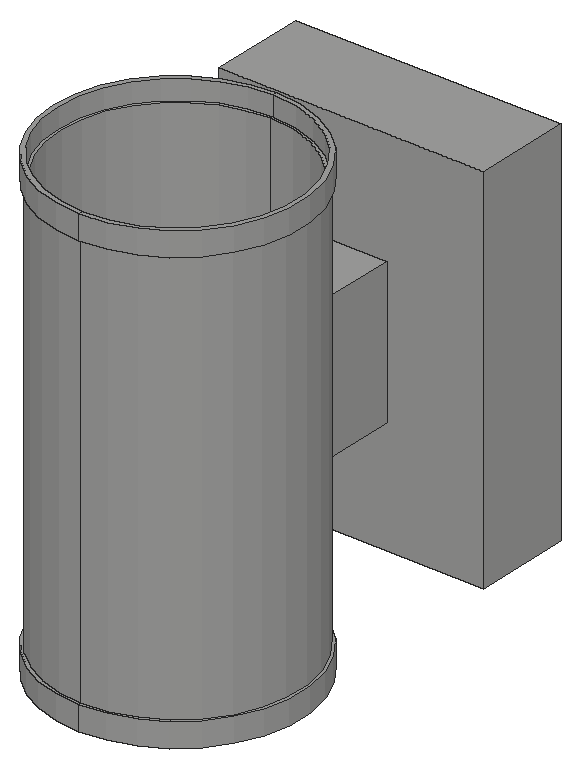
Revit family "CYBU510 - LED-CF", category Lighting Fixtures, host Wall, Revit 2024
Family settings
  Host = Wall
  Round Connector Dimension = Use Diameter
  Part Type = Normal
  OmniClass Number = 23.80.70.00
  OmniClass Title = Lighting
  Always vertical = Yes
  Cut with Voids When Loaded = No
  Light Source = No
  Maintain Annotation Orientation = No
  Shared = No
  Room Calculation Point = No
Parameters
  Default Elevation = 0' - 0"
Reference planes (in)
  plane 1: y = 0
  plane 2 "Light Source Axis (F/B)": y = 8
  plane 3 "Light Source Axis (L/R)": x = -1.43133
  plane 4 "Light Source Elevation": z = 77.42225
Forms (in)
  Extrusion 1, solid, material "97"
    sketch origin (-1.43133, 0, 0) x (0, -1, 0) y (0, 0, 1)
      loop
        line (3, 81.29725) -> (3, 73.54725) -> (5, 73.54725) -> (5, 81.29725) -> (3, 81.29725)
    from -2.75 to 2.75
  Extrusion 2, solid, material "97"
    sketch origin (-1.43133, 0, 0) x (0, -1, 0) y (0, 0, 1)
      loop
        line (5, 78.92225) -> (5, 75.92225) -> (7.09879, 75.92225) -> (7.09879, 78.92225) -> (5, 78.92225)
    from -0.75 to 0.75
  Revolve 3, solid, material "97"
    sketch origin (-1.43133, 0, 0) x (0, -1, 0) y (0, 0, 1)
      loop
        line (6.9375, 82.64722) -> (6.9375, 82.14722) -> (7, 82.14722) -> (7, 73.52222) -> (6.9375, 73.52222) -> (6.9375, 73.02222) -> (7.03125, 73.02222) -> (7.03125, 73.42847) -> (7.09375, 73.42847) -> (7.09375, 82.24097) -> (7.03125, 82.24097) -> (7.03125, 82.64722) -> (6.9375, 82.64722)
      axis (9.5, 82.64722) -> (9.5, 73.02222)
    angle from 0 to 360
Text (in)
  text "Placement Side" at (0, 40.15149, 123.01588), in view "Right"
  text "Placement Side" at (-70.3804, 28.46503, 0), in view "Ref. Level"
  text "Placement Side" at (0, 85.69064, 140.59947), in view "Left"
Dimensions and locks (in)
  aligned: level to host wall
